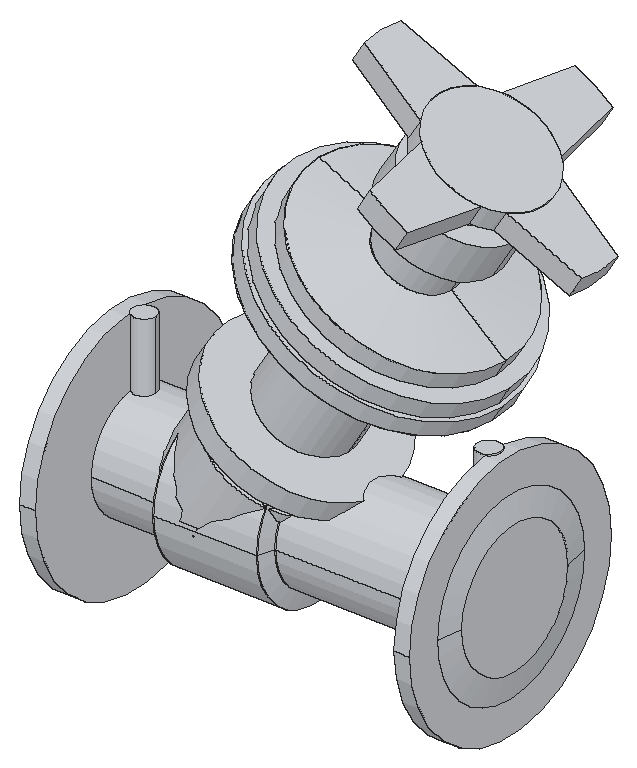
Revit family "224_DN100_20-70_RFA_2018", category Pipe Accessories, Revit 2018
Family settings
  Round Connector Dimension = Use Diameter
  Part Type = Valve - Breaks Into
  Work Plane-Based = No
  Always vertical = Yes
  Cut with Voids When Loaded = No
  Shared = No
Parameters (values of type "224_DN100_(20-70)")
  magiProductId = "5e4de33176c64976a9c157b39996ce"
  magiProductFamilyId = "cb96b53648234cefb8c956722b95ac"
  magiPartTypeId = 304
  isMeasuringValve [instance] = no
  ang2D [instance] = 0.00°
  Z8 = 24.389 mm
  Z7 = 8.13 mm
  Z6 = 101.622 mm
  Z4 = 40.649 mm
  Z3 = 16.26 mm
  Z2 = 20.324 mm
  Z1 = 60.973 mm
  Y9 = 112.022 mm
  Y8 = 43.927 mm
  X9 = 19.752 mm
  X8 = 30.758 mm
  X5 = 152.2 mm
  X4 = 91 mm
  X1 = 14 mm
  W2D = 100 mm
  VersionID = "2.0/2018.4.11.4/ZETKAMA_224_001"
  Use Minimum Symbol Size [instance] = yes
  URL = "www.hydronic.cz"
  Type Comments = "přírubový ventil, PN16; -10~+120°C; dpmin=1,5xdpnast;"
  R8 = 53.625 mm
  R7 = 35.75 mm
  R6 = 96.688 mm
  R5 = 110 mm
  R4 = 113.75 mm
  R3 = 52 mm
  R2 = 80.5 mm
  R12 = 42.75 mm
  R10 = 58 mm
  QmdConnectorList = "301;D;302;D"
  Productdata [instance] = ""
  Manufacturer = "Hydronic Systems Prague s.r.o."
  Maintenance Zone Under Depth [instance] = 405 mm
  Maintenance Zone Right Depth [instance] = 350 mm
  Maintenance Zone Over Depth [instance] = 405 mm
  Maintenance Zone Left Depth [instance] = 350 mm
  Maintenance Zone Front Depth [instance] = 273 mm
  Maintenance Zone Back Depth [instance] = 273 mm
  Maintenance Zone Front Visibility [instance] = no
  MC Product Code = "224 100 3 (DN100; dpnast 20-70kPa; dpmax=250kPa; kvs=110,0kPa)"
  MC Piping Given Pressure Drop [instance] = 0.0 Pa
  LT2 = 175 mm
  L3 = 62.8 mm
  L2D_Min = 3048 mm
  L2D = 350 mm
  H5 = 60 mm
  FDT2 = 110 mm
  Description = "Regulátor diferenčního tlaku přírubový"
  DT21 = 50 mm
  DT2 = 50 mm
  D6 = 81.25 mm
  D5 = 65 mm
  D = 100 mm
  Clearance Zone Height Depth [instance] = 405 mm
  Clearance Zone Circular Radius [instance] = 350 mm
  Clearance Zone Visibility [instance] = no
  CAT0 = yes
  ARC2 = 1.728 mm
  ARC1 = 9.698 mm
  ANG = 32.00°
  A2 = 32.458 mm
  A1 = 51.943 mm
Types (10, lengths in mm): name | magiProductId | Z8 | Z7 | Z6 | Z4 | Z3 | Z2 | Z1 | X5 | X4 | X1 | R5 | R3 | R2 | R10 | Maintenance Zone Under Depth | Maintenance Zone Right Depth | Maintenance Zone Over Depth | Maintenance Zone Left Depth | MC Product Code | LT2 | L3 | H5 | FDT2 | DT21 | DT2 | D6 | D5 | D | Clearance Zone Height Depth | Clearance Zone Circular Radius | A2 | A1
  224_DN100_(40-160) | "71f9e553003c40d991c5e352e67284" | 24.389 | 8.13 | 101.622 | 40.649 | 16.26 | 20.324 | 60.973 | 152.2 | 91 | 14 | 110 | 52 | 80.5 | 58 | 405 | 350 | 405 | 350 | "224 100 7 (DN100; dpnast 40-160kPa; dpmax=250kPa; kvs=110,0kPa)" | 175 | 62.8 | 60 | 110 | 50 | 50 | 81.25 | 65 | 100 | 405 | 350 | 32.458 | 51.943
  224_DN100_(20-70) | "5e4de33176c64976a9c157b39996ce" | 24.389 | 8.13 | 101.622 | 40.649 | 16.26 | 20.324 | 60.973 | 152.2 | 91 | 14 | 110 | 52 | 80.5 | 58 | 405 | 350 | 405 | 350 | "224 100 3 (DN100; dpnast 20-70kPa; dpmax=250kPa; kvs=110,0kPa)" | 175 | 62.8 | 60 | 110 | 50 | 50 | 81.25 | 65 | 100 | 405 | 350 | 32.458 | 51.943
  224_DN125_(40-160) | "9beb69b667494b6ab1f54942078ae6" | 25.804 | 8.601 | 107.518 | 43.007 | 17.203 | 21.504 | 64.511 | 166.25 | 113.75 | 16 | 125 | 65 | 95.5 | 71 | 425 | 400 | 425 | 400 | "224 125 7 (DN125; dpnast 40-160kPa; dpmax=250kPa; kvs=169,0kPa)" | 200 | 72 | 62.5 | 125 | 62.5 | 62.5 | 101.562 | 81.25 | 125 | 425 | 400 | 37.094 | 59.363
  224_DN125_(20-70) | "2c85edc695ca465cb63b6911085491" | 25.804 | 8.601 | 107.518 | 43.007 | 17.203 | 21.504 | 64.511 | 166.25 | 113.75 | 16 | 125 | 65 | 95.5 | 71 | 425 | 400 | 425 | 400 | "224 125 3 (DN125; dpnast 20-70kPa; dpmax=250kPa; kvs=169,0kPa)" | 200 | 72 | 62.5 | 125 | 62.5 | 62.5 | 101.562 | 81.25 | 125 | 425 | 400 | 37.094 | 59.363
  224_DN150_(40-160) | "96017eba5eec4de2abe05c4d8dc7d1" | 26.866 | 8.955 | 89.552 | 44.776 | 17.91 | 22.388 | 89.552 | 223.38 | 115.5 | 19.2 | 142.5 | 70.2 | 108.5 | 84 | 440 | 480 | 440 | 480 | "224 150 7 (DN150; dpnast 40-160kPa; dpmax=250kPa; kvs=200,0kPa)" | 240 | 86.72 | 67.5 | 142.5 | 67.5 | 75 | 90.75 | 82.5 | 150 | 440 | 480 | 44.513 | 71.236
  224_DN150_(20-70) | "2dcf3707ec5549d494f72875a03dce" | 26.866 | 8.955 | 89.552 | 44.776 | 17.91 | 22.388 | 89.552 | 223.38 | 115.5 | 19.2 | 142.5 | 70.2 | 108.5 | 84 | 440 | 480 | 440 | 480 | "224 150 3 (DN150; dpnast 20-70kPa; dpmax=250kPa; kvs=200,0kPa)" | 240 | 86.72 | 67.5 | 142.5 | 67.5 | 75 | 90.75 | 82.5 | 150 | 440 | 480 | 44.513 | 71.236
  224_DN065_(40-160) | "7a3227ed888c4b0d8669ae9eb0085d" | 22.974 | 7.658 | 95.726 | 38.29 | 15.316 | 19.145 | 57.436 | 139.89 | 59.15 | 11.6 | 92.5 | 33.8 | 63 | 40.5 | 385 | 290 | 385 | 290 | "224 065 7 (DN65; dpnast 40-160kPa; dpmax=300kPa; kvs=48,4kPa)" | 145 | 51.76 | 60 | 92.5 | 32.5 | 32.5 | 52.812 | 42.25 | 65 | 385 | 290 | 26.893 | 43.038
  224_DN065_(20-70) | "bd269db4002540fe9b2a41f205afd7" | 22.974 | 7.658 | 95.726 | 38.29 | 15.316 | 19.145 | 57.436 | 139.89 | 59.15 | 11.6 | 92.5 | 33.8 | 63 | 40.5 | 385 | 290 | 385 | 290 | "224 065 3 (DN65; dpnast 20-70kPa; dpmax=300kPa; kvs=48,4kPa)" | 145 | 51.76 | 60 | 92.5 | 32.5 | 32.5 | 52.812 | 42.25 | 65 | 385 | 290 | 26.893 | 43.038
  224_DN080_(40-160) | "20b45c03d3cb49e9a44f946d5e2c2d" | 23.328 | 7.776 | 97.2 | 38.88 | 15.552 | 19.44 | 58.32 | 140.96 | 72.8 | 12.4 | 100 | 41.6 | 70.5 | 48 | 390 | 310 | 390 | 310 | "224 080 7 (DN80; dpnast 40-160kPa; dpmax=300kPa; kvs=74,5kPa)" | 155 | 55.44 | 60 | 100 | 40 | 40 | 65 | 52 | 80 | 390 | 310 | 28.748 | 46.007
  224_DN080_(20-70) | "2f63645f7c5342ecbadd0051fa47f2" | 23.328 | 7.776 | 97.2 | 38.88 | 15.552 | 19.44 | 58.32 | 140.96 | 72.8 | 12.4 | 100 | 41.6 | 70.5 | 48 | 390 | 310 | 390 | 310 | "224 080 3 (DN80; dpnast 20-70kPa; dpmax=300kPa; kvs=74,5kPa)" | 155 | 55.44 | 60 | 100 | 40 | 40 | 65 | 52 | 80 | 390 | 310 | 28.748 | 46.007
Reference planes
  plane 1 "Center (Front/Back)": y = 0
  plane 2 "XYPLANE": z = 0
  plane 3 "Center (Left/Right)": x = 0
  plane 4 "274": z = -405
  plane 5 "273": z = 405
  plane 6 "272": x = -350
  plane 7 "271": x = 350
  plane 8 "270": y = 273
  plane 9 "269": y = -273
  plane 10 "202": x = 152
  plane 11 "201": z = 50
  plane 12 "199": x = -150
  plane 13 "196": x = 4.8
  plane 14 "195": x = 0.8
  plane 15 "186": x = -90.2
  plane 16 "185": x = -94.2
  plane 17 "157": through (-523.992, 0, 576.747) normal (0.5299, 0, 0.848)
  plane 18 "123": y = -19.752
  plane 19 "122": y = -30.758
  plane 20 "120": y = 19.752
  plane 21 "119": y = 30.758
  plane 22 "118": through (258.389, 0, 722.924) normal (0.848, 0, -0.5299)
  plane 23 "117": through (390.642, 0, 640.284) normal (0.848, 0, -0.5299)
  plane 24 "116": through (448.389, 0, 604.199) normal (0.848, 0, -0.5299)
  plane 25 "115": through (316.137, 0, 686.839) normal (0.848, 0, -0.5299)
  plane 26 "113": y = -43.927
  plane 27 "112": y = -112.022
  plane 28 "110": through (379.474, 0, 647.262) normal (0.848, 0, -0.5299)
  plane 29 "108": through (336.638, 0, 674.029) normal (0.848, 0, -0.5299)
  plane 30 "107": through (327.305, 0, 679.861) normal (0.848, 0, -0.5299)
  plane 31 "106": through (370.14, 0, 653.094) normal (0.848, 0, -0.5299)
  plane 32 "105": y = 112.022
  plane 33 "104": y = 43.927
  plane 34 "99": through (-448.6, 0, 697.399) normal (0.5299, 0, 0.848)
  plane 35 "96": through (-459.371, 0, 680.163) normal (0.5299, 0, 0.848)
  plane 36 "91": through (-480.911, 0, 645.691) normal (0.5299, 0, 0.848)
  plane 37 "87": through (-502.452, 0, 611.219) normal (0.5299, 0, 0.848)
  plane 38 "84": through (-506.76, 0, 604.325) normal (0.5299, 0, 0.848)
  plane 39 "82": through (-515.376, 0, 590.536) normal (0.5299, 0, 0.848)
  plane 40 "75": through (-532.609, 0, 562.958) normal (0.5299, 0, 0.848)
  plane 41 "74": through (-545.533, 0, 542.275) normal (0.5299, 0, 0.848)
  plane 42 "41": through (-599.384, 0, 456.094) normal (0.5299, 0, 0.848)
  plane 43 "37": through (-610.155, 0, 438.858) normal (0.5299, 0, 0.848)
  plane 44 "34": through (-620.925, 0, 421.622) normal (0.5299, 0, 0.848)
  plane 45 "30": through (-653.236, 0, 369.914) normal (0.5299, 0, 0.848)
  plane 46 "28": y = 0
  plane 47 "27": through (353.389, 0, 663.562) normal (0.848, 0, -0.5299)
  plane 48 "24": x = 171
  plane 49 "23": x = 157
  plane 50 "15": x = -157
  plane 51 "11": x = -171
  plane 52 "6": x = 175
  plane 53 "5": x = -175
  plane 54 "3": z = 0
  plane 55 "2": y = 0
  plane 56 "1": x = 0
  plane 57 "25XY": through (-636.036, 0, 397.439) normal (0.5299, 0, 0.848)
  plane 58 "25XZ": y = 0
  plane 59 "25YZ": through (397.439, 0, 636.036) normal (0.848, 0, -0.5299)
Forms (mm)
  Blend 1, solid, visible <- "CAT0"
    base sketch origin (-545.533, 0, 542.275) x (0.848048, 0, -0.529919) y (0, 1, 0)
      loop
        circle (698.057, 0) r 42.75
    top sketch origin (-545.533, 0, 542.275) x (0.848048, 0, -0.529919) y (0, 1, 0)
      loop
        circle (698.057, 0) r 113.75
    from 0 to 24.389
  Blend 2, solid, visible <- "Maintenance Zone Front Visibility"
    base sketch origin (-750, 0, 405) x (1, 0, 0) y (0, 1, 0)
      loop
        line (400, 273) -> (400, -273) -> (1100, -273) -> (1100, 273) -> (400, 273)
    top sketch origin (-750, 0, 405) x (1, 0, 0) y (0, 1, 0)
      loop
        line (400, 273) -> (400, -273) -> (1100, -273) -> (1100, 273) -> (400, 273)
    from 0 to -810
  Extrusion 3, solid, visible <- "Clearance Zone Visibility"
    sketch origin (-750, 0, 0) x (1, 0, 0) y (0, 1, 0)
      loop
        circle (750, 0) r 350
    from 0 to 405 <- "Clearance Zone Height Depth"
  Extrusion 4, solid, visible <- "CAT0"
    sketch origin (-599.384, 0, 456.094) x (0.848048, 0, -0.529919) y (0, 1, 0)
      loop
        circle (698.057, 0) r 42.75
    from 0 to 101.622 <- "Z6"
  Extrusion 5, solid
    sketch origin (-750, 0, 50) x (1, 0, 0) y (0, 1, 0)
      loop
        circle (902, 0) r 10
    from 0 to 60 <- "H5"
  Extrusion 6, solid
    sketch origin (-750, 0, 50) x (1, 0, 0) y (0, 1, 0)
      loop
        circle (600, 0) r 10
    from 0 to 60 <- "H5"
  Extrusion 7, solid
    sketch origin (4.8, -750, 0) x (0, 1, 0) y (0, 0, 1)
      loop
        circle (750, 0) r 50
    from 0 to 152.2 <- "X5"
  Blend 8, solid
    base sketch origin (4.8, -750, 0) x (0, 1, 0) y (0, 0, 1)
      loop
        circle (750, 0) r 50
    top sketch origin (4.8, -750, 0) x (0, 1, 0) y (0, 0, 1)
      loop
        circle (750, 0) r 65
    from 0 to -4
  Extrusion 9, solid
    sketch origin (-90.2, -750, 0) x (0, 1, 0) y (0, 0, 1)
      loop
        circle (750, 0) r 65
    from 0 to 91 <- "X4"
  Blend 10, solid
    base sketch origin (-94.2, -750, 0) x (0, 1, 0) y (0, 0, 1)
      loop
        circle (750, 0) r 50
    top sketch origin (-94.2, -750, 0) x (0, 1, 0) y (0, 0, 1)
      loop
        circle (750, 0) r 65
    from 0 to 4
  Extrusion 11, solid
    sketch origin (-653.236, 0, 369.914) x (0.848048, 0, -0.529919) y (0, 1, 0)
      loop
        circle (698.057, 0) r 65
    from 0 to 60.973 <- "Z1"
  Extrusion 12, solid
    sketch origin (-532.609, 0, 562.958) x (0.848048, 0, -0.529919) y (0, 1, 0)
      loop
        circle (698.057, 0) r 113.75
    from 0 to 16.26 <- "Z3"
  Extrusion 13, solid
    sketch origin (-448.6, 0, 697.399) x (0.848048, 0, -0.529919) y (0, 1, 0)
      loop
        line (741.984, -30.758) -> (810.079, -19.752)
        arc (810.079, -19.752) -> (811.807, 0) -> (810.079, 19.752) r 113.75
        line (810.079, 19.752) -> (741.984, 30.758)
        arc (741.984, 30.758) -> (751.682, 0) -> (741.984, -30.758) r 53.625
    from 0 to 20.324 <- "Z2"
  Extrusion 14, solid
    sketch origin (-448.6, 0, 697.399) x (0.848048, 0, -0.529919) y (0, 1, 0)
      loop
        line (654.13, 30.758) -> (586.035, 19.752)
        arc (586.035, 19.752) -> (584.307, 0) -> (586.035, -19.752) r 113.75
        line (586.035, -19.752) -> (654.13, -30.758)
        arc (654.13, -30.758) -> (644.432, 0) -> (654.13, 30.758) r 53.625
    from 0 to 20.324 <- "Z2"
  Extrusion 15, solid
    sketch origin (-448.6, 0, 697.399) x (0.848048, 0, -0.529919) y (0, 1, 0)
      loop
        line (667.299, -43.927) -> (678.305, -112.022)
        arc (678.305, -112.022) -> (698.057, -113.75) -> (717.81, -112.022) r 113.75
        line (717.81, -112.022) -> (728.815, -43.927)
        arc (728.815, -43.927) -> (698.057, -53.625) -> (667.299, -43.927) r 53.625
    from 0 to 20.324 <- "Z2"
  Extrusion 16, solid
    sketch origin (-448.6, 0, 697.399) x (0.848048, 0, -0.529919) y (0, 1, 0)
      loop
        line (728.815, 43.927) -> (717.81, 112.022)
        arc (717.81, 112.022) -> (698.057, 113.75) -> (678.305, 112.022) r 113.75
        line (678.305, 112.022) -> (667.299, 43.927)
        arc (667.299, 43.927) -> (698.057, 53.625) -> (728.815, 43.927) r 53.625
    from 0 to 20.324 <- "Z2"
  Extrusion 17, solid
    sketch origin (-448.6, 0, 697.399) x (0.848048, 0, -0.529919) y (0, 1, 0)
      loop
        circle (698.057, 0) r 53.625
    from 0 to 20.324 <- "Z2"
  Extrusion 18, solid
    sketch origin (-459.371, 0, 680.163) x (0.848048, 0, -0.529919) y (0, 1, 0)
      loop
        circle (698.057, 0) r 35.75
    from 0 to 20.324 <- "Z2"
  Extrusion 19, solid
    sketch origin (-480.911, 0, 645.691) x (0.848048, 0, -0.529919) y (0, 1, 0)
      loop
        circle (698.057, 0) r 53.625
    from 0 to 40.649 <- "Z4"
  Extrusion 20, solid
    sketch origin (-502.452, 0, 611.219) x (0.848048, 0, -0.529919) y (0, 1, 0)
      loop
        circle (698.057, 0) r 35.75
    from 0 to 40.649 <- "Z4"
  Blend 21, solid
    base sketch origin (-506.76, 0, 604.325) x (0.848048, 0, -0.529919) y (0, 1, 0)
      loop
        circle (698.057, 0) r 96.688
    top sketch origin (-506.76, 0, 604.325) x (0.848048, 0, -0.529919) y (0, 1, 0)
      loop
        circle (698.057, 0) r 35.75
    from 0 to 8.13
  Extrusion 22, solid
    sketch origin (-515.376, 0, 590.536) x (0.848048, 0, -0.529919) y (0, 1, 0)
      loop
        circle (698.057, 0) r 96.688
    from 0 to 16.26 <- "Z3"
  Extrusion 23, solid
    sketch origin (-523.992, 0, 576.747) x (0.848048, 0, -0.529919) y (0, 1, 0)
      loop
        circle (698.057, 0) r 110
    from 0 to 16.26 <- "Z3"
  Extrusion 24, solid
    sketch origin (-610.155, 0, 438.858) x (0.848048, 0, -0.529919) y (0, 1, 0)
      loop
        circle (698.057, 0) r 81.25
    from 0 to 20.324 <- "Z2"
  Extrusion 25, solid
    sketch origin (-620.925, 0, 421.622) x (0.848048, 0, -0.529919) y (0, 1, 0)
      loop
        circle (698.057, 0) r 52
    from 0 to 20.324 <- "Z2"
  Blend 26, solid
    base sketch origin (171, -750, 0) x (0, 1, 0) y (0, 0, 1)
      loop
        circle (750, 0) r 80.5
    top sketch origin (171, -750, 0) x (0, 1, 0) y (0, 0, 1)
      loop
        circle (750, 0) r 58
    from 0 to 4
  Extrusion 27, solid
    sketch origin (157, -750, 0) x (0, 1, 0) y (0, 0, 1)
      loop
        circle (750, 0) r 110
    from 0 to 14 <- "X1"
  Extrusion 28, solid
    sketch origin (-157, -750, 0) x (0, 1, 0) y (0, 0, 1)
      loop
        circle (750, 0) r 50
    from 0 to 62.8 <- "L3"
  Extrusion 29, solid
    sketch origin (-171, -750, 0) x (0, 1, 0) y (0, 0, 1)
      loop
        circle (750, 0) r 110
    from 0 to 14 <- "X1"
  Blend 30, solid
    base sketch origin (-175, -750, 0) x (0, 1, 0) y (0, 0, 1)
      loop
        circle (750, 0) r 58
    top sketch origin (-175, -750, 0) x (0, 1, 0) y (0, 0, 1)
      loop
        circle (750, 0) r 80.5
    from 0 to 4
  Extrusion 31, solid, not visible
    sketch origin (175, -750, 0) x (0, 1, 0) y (0, 0, 1)
      loop
        circle (750, 0) r 10
    from 0 to -10
  Extrusion 32, solid, not visible
    sketch origin (-175, -750, 0) x (0, 1, 0) y (0, 0, 1)
      loop
        circle (750, 0) r 10
    from 0 to 10
Lines and regions (mm)
  reference lines, not visible
    curve 1: circle (2, 2, 0) r 1 normal (0, 0, 1)
  reference lines
    curve 2: line (180.638, -30.758, 304.208) -> (180.638, 30.758, 304.208)
    curve 3: line (238.386, 19.752, 268.123) -> (238.386, -19.752, 268.123)
    curve 4: line (106.133, 30.758, 350.763) -> (106.133, -30.758, 350.763)
    curve 5: line (48.386, -19.752, 386.848) -> (48.386, 19.752, 386.848)
    curve 6: line (117.301, -43.927, 343.785) -> (169.47, -43.927, 311.186)
    curve 7: line (160.137, -112.022, 317.018) -> (126.635, -112.022, 337.953)
    curve 8: line (169.47, 43.927, 311.186) -> (117.301, 43.927, 343.785)
    curve 9: line (126.635, 112.022, 337.953) -> (160.137, 112.022, 317.018)
Dimensions and locks
  plane 1 "Center (Front/Back)" to curve 1 = 2 mm
  "Maintenance Zone Under Depth": plane 2 "XYPLANE" to plane 4 "274"
  "Maintenance Zone Over Depth": plane 2 "XYPLANE" to plane 5 "273"
  "Maintenance Zone Left Depth": plane 3 "Center (Left/Right)" to plane 6 "272"
  "Maintenance Zone Right Depth": plane 3 "Center (Left/Right)" to plane 7 "271"
  "Maintenance Zone Back Depth": plane 1 "Center (Front/Back)" to plane 8 "270"
  "Maintenance Zone Front Depth": plane 1 "Center (Front/Back)" to plane 9 "269"
  locked: plane 49 "23" to plane 10 "202" at 5
  "DT2": plane 2 "XYPLANE" to plane 11 "201"
  locked: plane 50 "15" to plane 12 "199" at 7
  locked: plane 14 "195" to plane 13 "196" at 4
  "X4": plane 15 "186" to plane 14 "195"
  locked: plane 16 "185" to plane 15 "186" at 4
  "L3": plane 50 "15" to plane 16 "185"
  "Z3": plane 40 "75" to plane 17 "157"
  "X9": plane 55 "2" to plane 18 "123"
  "X8": plane 55 "2" to plane 19 "122"
  "X9": plane 55 "2" to plane 20 "120"
  "X8": plane 55 "2" to plane 21 "119"
  "Y9": plane 47 "27" to plane 22 "118"
  "Y8": plane 47 "27" to plane 23 "117"
  "Y9": plane 47 "27" to plane 24 "116"
  "Y8": plane 47 "27" to plane 25 "115"
  "Y8": plane 55 "2" to plane 26 "113"
  "Y9": plane 55 "2" to plane 27 "112"
  "X8": plane 47 "27" to plane 28 "110"
  "X9": plane 47 "27" to plane 29 "108"
  "X8": plane 47 "27" to plane 30 "107"
  "X9": plane 47 "27" to plane 31 "106"
  "Y9": plane 55 "2" to plane 32 "105"
  "Y8": plane 55 "2" to plane 33 "104"
  "Z2": plane 35 "96" to plane 34 "99"
  "Z4": plane 36 "91" to plane 35 "96"
  "Z4": plane 37 "87" to plane 36 "91"
  "Z7": plane 38 "84" to plane 37 "87"
  "Z3": plane 39 "82" to plane 38 "84"
  "Z3": plane 17 "157" to plane 39 "82"
  "Z8": plane 41 "74" to plane 40 "75"
  "Z6": plane 42 "41" to plane 41 "74"
  "Z2": plane 43 "37" to plane 42 "41"
  "Z2": plane 44 "34" to plane 43 "37"
  "Z1": plane 45 "30" to plane 44 "34"
  "A2": plane 57 "25XY" to plane 45 "30"
  locked: plane 55 "2" to plane 46 "28"
  "A1": plane 59 "25YZ" to plane 47 "27"
  "X1": plane 49 "23" to plane 48 "24"
  "X5": plane 13 "196" to plane 49 "23"
  "X1": plane 51 "11" to plane 50 "15"
  locked: plane 53 "5" to plane 51 "11" at 4
  "LT2": plane 3 "Center (Left/Right)" to plane 52 "6"
  "LT2": plane 3 "Center (Left/Right)" to plane 53 "5"
  locked: plane 2 "XYPLANE" to plane 54 "3"
  locked: plane 1 "Center (Front/Back)" to plane 55 "2"
  locked: plane 3 "Center (Left/Right)" to plane 56 "1"
  Blend 2 sketch curve to Blend 2 sketch curve = 0 mm  (x16)
  "ARC1": curve 2 to Extrusion 13 sketch curve
  "ARC2": curve 3 to Extrusion 13 sketch curve
  Extrusion 13 sketch curve to Extrusion 13 sketch curve = 0 mm  (x8)
  "ARC1": curve 4 to Extrusion 14 sketch curve
  "ARC2": curve 5 to Extrusion 14 sketch curve
  Extrusion 14 sketch curve to Extrusion 14 sketch curve = 0 mm  (x8)
  "ARC1": curve 6 to Extrusion 15 sketch curve
  "ARC2": curve 7 to Extrusion 15 sketch curve
  Extrusion 15 sketch curve to Extrusion 15 sketch curve = 0 mm  (x8)
  "ARC1": curve 8 to Extrusion 16 sketch curve
  "ARC2": curve 9 to Extrusion 16 sketch curve
  Extrusion 16 sketch curve to Extrusion 16 sketch curve = 0 mm  (x8)
  "R4": radius of Blend 1 sketch curve
  "R12": radius of Blend 1 sketch curve
  "Clearance Zone Circular Radius": radius of Extrusion 3 sketch curve
  "R12": radius of Extrusion 4 sketch curve
  "DT21": radius of Extrusion 7 sketch curve
  "D5": radius of Blend 8 sketch curve
  "DT21": radius of Blend 8 sketch curve
  "D5": radius of Extrusion 9 sketch curve
  "D5": radius of Blend 10 sketch curve
  "DT21": radius of Blend 10 sketch curve
  "D5": radius of Extrusion 11 sketch curve
  "R4": radius of Extrusion 12 sketch curve
  "R8": radius of Extrusion 17 sketch curve
  "R7": radius of Extrusion 18 sketch curve
  "R8": radius of Extrusion 19 sketch curve
  "R7": radius of Extrusion 20 sketch curve
  "R7": radius of Blend 21 sketch curve
  "R6": radius of Blend 21 sketch curve
  "R6": radius of Extrusion 22 sketch curve
  "R5": radius of Extrusion 23 sketch curve
  "D6": radius of Extrusion 24 sketch curve
  "R3": radius of Extrusion 25 sketch curve
  "R10": radius of Blend 26 sketch curve
  "R2": radius of Blend 26 sketch curve
  "FDT2": radius of Extrusion 27 sketch curve
  "DT21": radius of Extrusion 28 sketch curve
  "FDT2": radius of Extrusion 29 sketch curve
  "R2": radius of Blend 30 sketch curve
  "R10": radius of Blend 30 sketch curve
  aligned and locked: level to plane 2 "XYPLANE"
  aligned and locked: plane 46 "28" to Blend 1 sketch curve  (x2)
  aligned and locked: Blend 1 sketch curve to plane 47 "27"  (x2)
  aligned and locked: plane 40 "75" to Blend 1
  aligned and locked: Blend 2 sketch curve to plane 6 "272"  (x2)
  aligned and locked: plane 8 "270" to Blend 2 sketch curve  (x4)
  aligned and locked: plane 9 "269" to Blend 2 sketch curve  (x4)
  aligned and locked: plane 6 "272" to Blend 2 sketch curve  (x2)
  aligned and locked: plane 7 "271" to Blend 2 sketch curve  (x4)
  aligned and locked: Blend 2 to plane 4 "274"
  aligned and locked: plane 55 "2" to Extrusion 3 sketch curve
  aligned and locked: plane 56 "1" to Extrusion 3 sketch curve
  aligned and locked: plane 46 "28" to Extrusion 4 sketch curve
  aligned and locked: Extrusion 4 sketch curve to plane 47 "27"
  aligned and locked: plane 10 "202" to Extrusion 5 sketch curve
  aligned and locked: plane 55 "2" to Extrusion 5 sketch curve
  aligned and locked: plane 12 "199" to Extrusion 6 sketch curve
  aligned and locked: plane 55 "2" to Extrusion 6 sketch curve
  aligned and locked: plane 54 "3" to Extrusion 7 sketch curve
  aligned and locked: Extrusion 7 sketch curve to plane 55 "2"
  aligned and locked: plane 54 "3" to Blend 8 sketch curve  (x2)
  aligned and locked: Blend 8 sketch curve to plane 55 "2"  (x2)
  aligned and locked: Blend 8 to plane 14 "195"
  aligned and locked: plane 54 "3" to Extrusion 9 sketch curve
  aligned and locked: Extrusion 9 sketch curve to plane 55 "2"
  aligned and locked: plane 54 "3" to Blend 10 sketch curve  (x2)
  aligned and locked: Blend 10 sketch curve to plane 55 "2"  (x2)
  aligned and locked: plane 15 "186" to Blend 10
  aligned and locked: plane 46 "28" to Extrusion 11 sketch curve
  aligned and locked: Extrusion 11 sketch curve to plane 47 "27"
  aligned and locked: plane 46 "28" to Extrusion 12 sketch curve
  aligned and locked: Extrusion 12 sketch curve to plane 47 "27"
  aligned and locked: curve 2 to plane 23 "117"
  aligned and locked: plane 19 "122" to curve 2
  aligned and locked: plane 21 "119" to curve 2
  aligned and locked: plane 21 "119" to Extrusion 13 sketch curve
  aligned and locked: plane 23 "117" to Extrusion 13 sketch curve
  aligned and locked: plane 20 "120" to Extrusion 13 sketch curve
  aligned and locked: plane 24 "116" to Extrusion 13 sketch curve
  aligned and locked: curve 3 to plane 24 "116"
  aligned and locked: plane 20 "120" to curve 3
  aligned and locked: plane 18 "123" to curve 3
  aligned and locked: plane 18 "123" to Extrusion 13 sketch curve
  aligned and locked: Extrusion 13 sketch curve to plane 24 "116"
  aligned and locked: plane 19 "122" to Extrusion 13 sketch curve
  aligned and locked: Extrusion 13 sketch curve to plane 23 "117"
  aligned and locked: curve 4 to plane 25 "115"
  aligned and locked: plane 21 "119" to curve 4
  aligned and locked: plane 19 "122" to curve 4
  aligned and locked: plane 19 "122" to Extrusion 14 sketch curve
  aligned and locked: Extrusion 14 sketch curve to plane 25 "115"
  aligned and locked: plane 18 "123" to Extrusion 14 sketch curve
  aligned and locked: Extrusion 14 sketch curve to plane 22 "118"
  aligned and locked: curve 5 to plane 22 "118"
  aligned and locked: plane 18 "123" to curve 5
  aligned and locked: plane 20 "120" to curve 5
  aligned and locked: plane 20 "120" to Extrusion 14 sketch curve
  aligned and locked: plane 22 "118" to Extrusion 14 sketch curve
  aligned and locked: plane 21 "119" to Extrusion 14 sketch curve
  aligned and locked: plane 25 "115" to Extrusion 14 sketch curve
  aligned and locked: curve 6 to plane 26 "113"
  aligned and locked: curve 6 to plane 30 "107"
  aligned and locked: curve 6 to plane 28 "110"
  aligned and locked: plane 26 "113" to Extrusion 15 sketch curve  (x2)
  aligned and locked: Extrusion 15 sketch curve to plane 28 "110"
  aligned and locked: plane 27 "112" to Extrusion 15 sketch curve  (x2)
  aligned and locked: Extrusion 15 sketch curve to plane 31 "106"
  aligned and locked: plane 27 "112" to curve 7
  aligned and locked: curve 7 to plane 31 "106"
  aligned and locked: curve 7 to plane 29 "108"
  aligned and locked: Extrusion 15 sketch curve to plane 29 "108"
  aligned and locked: Extrusion 15 sketch curve to plane 30 "107"
  aligned and locked: plane 33 "104" to curve 8
  aligned and locked: plane 28 "110" to curve 8
  aligned and locked: plane 30 "107" to curve 8
  aligned and locked: plane 30 "107" to Extrusion 16 sketch curve
  aligned and locked: plane 33 "104" to Extrusion 16 sketch curve  (x2)
  aligned and locked: plane 29 "108" to Extrusion 16 sketch curve
  aligned and locked: plane 32 "105" to Extrusion 16 sketch curve  (x2)
  aligned and locked: curve 9 to plane 32 "105"
  aligned and locked: plane 29 "108" to curve 9
  aligned and locked: plane 31 "106" to curve 9
  aligned and locked: plane 31 "106" to Extrusion 16 sketch curve
  aligned and locked: plane 28 "110" to Extrusion 16 sketch curve
  aligned and locked: plane 46 "28" to Extrusion 17 sketch curve
  aligned and locked: Extrusion 17 sketch curve to plane 47 "27"
  aligned and locked: plane 46 "28" to Extrusion 18 sketch curve
  aligned and locked: Extrusion 18 sketch curve to plane 47 "27"
  aligned and locked: plane 46 "28" to Extrusion 19 sketch curve
  aligned and locked: Extrusion 19 sketch curve to plane 47 "27"
  aligned and locked: plane 46 "28" to Extrusion 20 sketch curve
  aligned and locked: Extrusion 20 sketch curve to plane 47 "27"
  aligned and locked: plane 46 "28" to Blend 21 sketch curve  (x2)
  aligned and locked: Blend 21 sketch curve to plane 47 "27"  (x2)
  aligned and locked: plane 37 "87" to Blend 21
  aligned and locked: plane 46 "28" to Extrusion 22 sketch curve
  aligned and locked: Extrusion 22 sketch curve to plane 47 "27"
  aligned and locked: plane 46 "28" to Extrusion 23 sketch curve
  aligned and locked: Extrusion 23 sketch curve to plane 47 "27"
  aligned and locked: plane 46 "28" to Extrusion 24 sketch curve
  aligned and locked: Extrusion 24 sketch curve to plane 47 "27"
  aligned and locked: plane 46 "28" to Extrusion 25 sketch curve
  aligned and locked: Extrusion 25 sketch curve to plane 47 "27"
  aligned and locked: plane 54 "3" to Blend 26 sketch curve  (x2)
  aligned and locked: Blend 26 sketch curve to plane 55 "2"  (x2)
  aligned and locked: plane 52 "6" to Blend 26
  aligned and locked: plane 54 "3" to Extrusion 27 sketch curve
  aligned and locked: Extrusion 27 sketch curve to plane 55 "2"
  aligned and locked: plane 54 "3" to Extrusion 28 sketch curve
  aligned and locked: Extrusion 28 sketch curve to plane 55 "2"
  aligned and locked: plane 54 "3" to Extrusion 29 sketch curve
  aligned and locked: Extrusion 29 sketch curve to plane 55 "2"
  aligned and locked: plane 54 "3" to Blend 30 sketch curve  (x2)
  aligned and locked: Blend 30 sketch curve to plane 55 "2"  (x2)
  aligned and locked: plane 51 "11" to Blend 30
  aligned and locked: plane 54 "3" to Extrusion 31 sketch curve
  aligned and locked: Extrusion 31 sketch curve to plane 55 "2"
  aligned and locked: plane 54 "3" to Extrusion 32 sketch curve
  aligned and locked: Extrusion 32 sketch curve to plane 55 "2"
Automatic sketch dimensions
  Extrusion 5 sketch curve to Extrusion 5 sketch curve = 10 mm
  Extrusion 6 sketch curve to plane 50 "15" = 3 mm
  plane 18 "123" to Extrusion 31 sketch curve = 9.752 mm
  plane 18 "123" to Extrusion 32 sketch curve = 9.752 mm
  plane 14 "195" to curve 1 = 1.2 mm
  radius of curve 1 = 1 mm
Connectors
  piping at (-175, 0, 0), diameter 100, driven by "D"
    settings: on Extrusion 32, index 1, connector inside diameter 609.6 mm, connector length 0 mm, flow factor 0, pipe flow 0.0 L/s, pressure drop 0.0 Pa, fitting loss kfactor 0, connector angle 0.00°, fixture units 0, engagement length 0 mm, angle of deflection 0.00°, flow configuration 0, flow direction 0, fitting loss method 0, system type 29, joint type 0, gender type 0, connector reference index 2, connector utility 0, adjustable connector no, is connector primary yes, connector description ""
  piping at (175, 0, 0), diameter 100, driven by "D"
    settings: on Extrusion 31, index 2, connector inside diameter 609.6 mm, connector length 0 mm, flow factor 0, pipe flow 0.0 L/s, pressure drop 0.0 Pa, fitting loss kfactor 0, connector angle 0.00°, fixture units 0, engagement length 0 mm, angle of deflection 0.00°, flow configuration 0, flow direction 0, fitting loss method 0, system type 29, joint type 0, gender type 0, connector reference index 1, connector utility 0, adjustable connector no, is connector primary no, connector description ""
